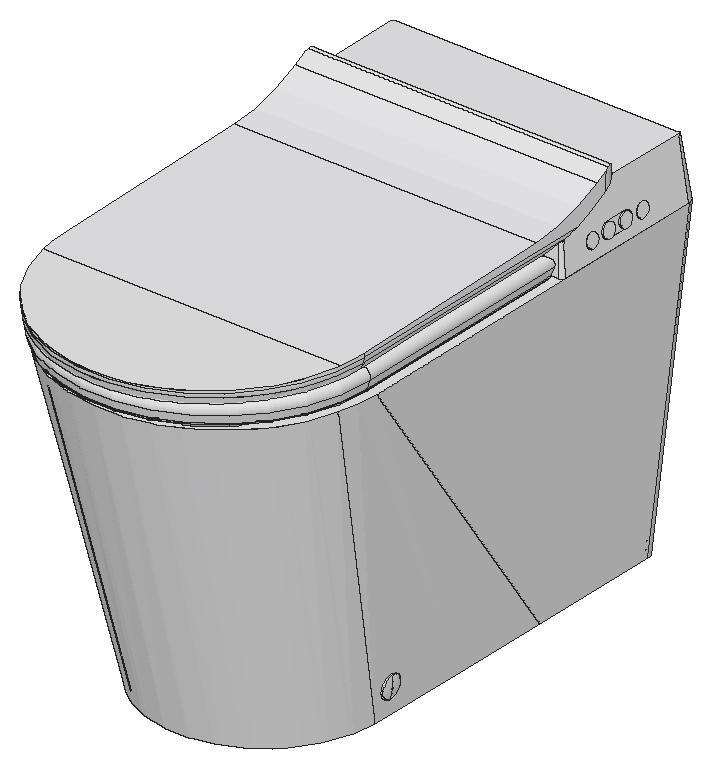
Revit family "Toilet-Floor_Mount_Intelligent-KOHLER-Leap-K-28529K-1", category Plumbing Fixtures, host Face, Revit 2022 (continued)
Definition of nested family "K-28529K"
  Lines and regions (in)
    symbolic lines, detail levels medium+fine
      curve 126: arc (0, -15.60272, 15.90552) -> (0, -15.6445, 15.88637) -> (0, -15.68187, 15.85961) r 0.24012
      curve 127: line (0, -22.73658, 15.8371) -> (0, -23.63343, 15.8371)
      curve 128: arc (0, -23.63343, 15.8371) -> (0, -23.66226, 15.84423) -> (0, -23.68443, 15.86397) r 0.06184
      curve 129: arc (0, -23.68443, 15.86397) -> (0, -23.71337, 15.89169) -> (0, -23.75098, 15.90552) r 0.09804
      curve 130: arc (0, -22.67651, 15.85961) -> (0, -22.7045, 15.84291) -> (0, -22.73658, 15.8371) r 0.09138
      curve 131: arc (0, -22.59736, 15.90552) -> (0, -22.63914, 15.88637) -> (0, -22.67651, 15.85961) r 0.24012
      curve 132: line (0, -25.79608, 15.90552) -> (0, -12.27045, 15.90552)
      curve 133: line (0, -3.74016, 3.77482) -> (0, -3.74017, 4.93847)
      curve 134: spline (0, -3.74017, 4.93847) -> (0, -3.42502, 4.80705) -> (0, -3.15006, 4.6053) -> (0, -2.93085, 4.34464) -> (0, -2.77984, 4.03986) -> (0, -2.70558, 3.70822) -> (0, -2.71227, 3.36853) -> (0, -2.79955, 3.04004) -> (0, -2.96245, 2.74137) -> (0, -3.19175, 2.48945) -> (0, -3.47446, 2.29856) -> (0, -3.79454, 2.17952) -> (0, -4.13385, 2.13907)
      curve 135: spline (0, -4.13386, 3.3834) -> (0, -4.08247, 3.38675) -> (0, -4.03196, 3.39674) -> (0, -3.98319, 3.4132) -> (0, -3.93701, 3.43585) -> (0, -3.89419, 3.46429) -> (0, -3.85547, 3.49805) -> (0, -3.82151, 3.53654) -> (0, -3.7929, 3.57911) -> (0, -3.77013, 3.62503) -> (0, -3.75357, 3.67351) -> (0, -3.74353, 3.72373) -> (0, -3.74016, 3.77482)
      curve 136: line (0, -4.52756, 3.77481) -> (0, -4.52757, 4.93846)
      curve 137: spline (0, -4.52757, 4.93846) -> (0, -4.84271, 4.80704) -> (0, -5.11767, 4.60528) -> (0, -5.33687, 4.34462) -> (0, -5.48788, 4.03984) -> (0, -5.56214, 3.7082) -> (0, -5.55544, 3.36851) -> (0, -5.46817, 3.04003) -> (0, -5.30526, 2.74136) -> (0, -5.07595, 2.48944) -> (0, -4.79324, 2.29855) -> (0, -4.47316, 2.17952) -> (0, -4.13385, 2.13907)
      curve 138: spline (0, -4.13386, 3.3834) -> (0, -4.18525, 3.38675) -> (0, -4.23576, 3.39674) -> (0, -4.28452, 3.4132) -> (0, -4.33071, 3.43584) -> (0, -4.37353, 3.46429) -> (0, -4.41225, 3.49805) -> (0, -4.4462, 3.53654) -> (0, -4.47481, 3.57911) -> (0, -4.49759, 3.62503) -> (0, -4.51415, 3.67351) -> (0, -4.52419, 3.72372) -> (0, -4.52756, 3.77481)
      curve 139: line (0, -12.09412, 15.90552) -> (0, -12.13632, 15.74803)
      curve 140: arc (0, -6.89609, 17.43712) -> (0, -6.92594, 17.4087) -> (0, -6.93734, 17.36909) r 0.07874
      curve 141: arc (0, -5.70983, 18.66204) -> (0, -6.13924, 18.32275) -> (0, -6.60071, 18.02852) r 5.41629
      curve 142: arc (0, -6.49968, 17.83068) -> (0, -6.00044, 18.0443) -> (0, -5.54675, 18.34269) r 3.06412
      curve 143: line (0, -22.63702, 17.1029) -> (0, -23.36557, 17.09447)
      curve 144: line (0, -22.80945, 16.94568) -> (0, -23.21561, 16.94452)
      curve 145: line (0, -9.15329, 16.58724) -> (0, -27.36533, 16.53704)
      curve 146: line (0, -1.67298, 15.74803) -> (0, -1.67298, 0)
      curve 147: line (0, -1.67298, 15.74803) -> (0, -1.89418, 17.00252)
      curve 148: line (0, -1.12897, 18.26487) -> (0, -5.64922, 18.26487)
      curve 149: line (0, -0.7874, 15.51181) -> (0, -27.29705, 15.51181)
      curve 150: line (0, -0.7874, 0.19685) -> (0, -22.62001, 0.19685)
      curve 151: line (-5.44907, 0, 0.17311) -> (5.44907, 0, 0.17311)
      curve 152: circle (0, -16.72958, 1.37402) r 0.54389 normal (1, 0, 0)
      curve 153: line (-5.74031, 0, 3.22984) -> (-7.18376, 0, 14.82022)
      curve 154: spline (5.65525, 0, 2.73947) -> (5.66259, 0, 2.79177) -> (5.67015, 0, 2.84358) -> (5.67786, 0, 2.89441) -> (5.68563, 0, 2.94377) -> (5.69339, 0, 2.9912) -> (5.70108, 0, 3.03625) -> (5.70861, 0, 3.0785) -> (5.71593, 0, 3.11754) -> (5.72295, 0, 3.15301) -> (5.72961, 0, 3.18457) -> (5.73586, 0, 3.21192) -> (5.74162, 0, 3.23481)
      curve 155: spline (5.71495, 0, 2.73947) -> (5.70538, 0, 2.67174) -> (5.69549, 0, 2.60509) -> (5.68544, 0, 2.54057) -> (5.67538, 0, 2.4792) -> (5.66547, 0, 2.42197) -> (5.65588, 0, 2.36978) -> (5.64675, 0, 2.32346) -> (5.63822, 0, 2.28374) -> (5.63045, 0, 2.25125) -> (5.62353, 0, 2.22651) -> (5.6176, 0, 2.20992) -> (5.61274, 0, 2.20173)
      curve 156: line (5.74162, 0, 3.23481) -> (7.16846, 0, 14.6722)
      curve 157: arc (-7.21375, 0, 16.07865) -> (-7.22688, 0, 16.08837) -> (-7.2309, 0, 16.1042) r 0.0243
      curve 158: arc (-6.96946, 0, 17.10758) -> (-6.98056, 0, 17.1084) -> (-6.99166, 0, 17.10922) r 9.4345
      curve 159: arc (-7.06909, 0, 17.05016) -> (-7.02233, 0, 17.08417) -> (-6.96946, 0, 17.10758) r 0.27349
      curve 160: arc (-6.47498, 0, 19.36614) -> (-6.81114, 0, 19.21689) -> (-6.96066, 0, 18.88084) r 0.51231
      curve 161: arc (6.94938, 0, 18.82947) -> (6.80595, 0, 19.1807) -> (6.47498, 0, 19.36614) r 0.57499
      curve 162: arc (7.06278, 0, 17.05569) -> (7.01868, 0, 17.08624) -> (6.96946, 0, 17.10758) r 0.27349
      curve 163: line (5.62312, 0, 17.08346) -> (6.39368, 0, 17.08346)
      curve 164: line (5.08433, 0, 17.08346) -> (5.62312, 0, 17.08346)
      curve 165: line (4.63582, 0, 15.91563) -> (5.52674, 0, 15.91563)
      curve 166: line (5.52674, 0, 15.91563) -> (6.68784, 0, 15.91563)
      curve 167: line (5.91493, 0, 15.8324) -> (5.64562, 0, 15.8324)
      curve 168: line (-5.66841, 0, 17.08346) -> (-6.39368, 0, 17.08346)
      curve 169: line (-5.11455, 0, 17.08346) -> (-5.66841, 0, 17.08346)
      curve 170: line (7.2309, 0, 16.1042) -> (7.15776, 0, 16.8758)
      curve 171: arc (7.21375, 0, 16.07865) -> (7.22688, 0, 16.08837) -> (7.2309, 0, 16.1042) r 0.0243
      curve 179: line (6.10792, 0, 5.03111) -> (5.684, 0, 2.12297)
      curve 180: arc (0, -1.94941, 17.31576) -> (0, -2.05829, 17.13507) -> (0, -1.89418, 17.00252) r 0.16054
      curve 181: line (0, -5.13376, 15.76598) -> (0, -5.13376, 17.79247)
      curve 182: arc (0, -5.13376, 17.79247) -> (0, -5.1491, 17.82951) -> (0, -5.18613, 17.84485) r 0.05238
      curve 183: line (0, -5.18613, 17.84485) -> (0, -6.09611, 17.84485)
      curve 184: line (0, -6.09611, 17.84485) -> (0, -6.83893, 17.43309)
      curve 185: arc (0, -6.83893, 17.43309) -> (0, -6.87382, 17.39938) -> (0, -6.88715, 17.35272) r 0.09361
      curve 186: line (0, -6.88715, 17.35272) -> (0, -6.91267, 15.76598)
      curve 187: circle (0, -5.22136, 15.83788) r 0.04264 normal (1, 0, 0)
      curve 188: circle (0, -5.37937, 15.83788) r 0.04264 normal (1, 0, 0)
      curve 189: circle (0, -5.49778, 15.83788) r 0.04264 normal (1, 0, 0)
      curve 190: circle (0, -5.62538, 15.83788) r 0.04264 normal (1, 0, 0)
      curve 191: circle (0, -5.75153, 15.83788) r 0.04264 normal (1, 0, 0)
      curve 192: circle (0, -5.8877, 15.83788) r 0.04264 normal (1, 0, 0)
      curve 193: circle (0, -6.02056, 15.83788) r 0.04264 normal (1, 0, 0)
      curve 194: circle (0, -6.14593, 15.83788) r 0.04264 normal (1, 0, 0)
      curve 195: circle (0, -6.27304, 15.83788) r 0.04264 normal (1, 0, 0)
      curve 196: circle (0, -6.39782, 15.83788) r 0.04264 normal (1, 0, 0)
      curve 197: circle (0, -6.51796, 15.83788) r 0.04264 normal (1, 0, 0)
      curve 198: circle (0, -6.64159, 15.83788) r 0.04264 normal (1, 0, 0)
      curve 199: circle (0, -6.77044, 15.83788) r 0.04264 normal (1, 0, 0)
      curve 200: circle (0, -5.22136, 16.03473) r 0.04264 normal (1, 0, 0)
      curve 201: circle (0, -5.37937, 16.03473) r 0.04264 normal (1, 0, 0)
      curve 202: circle (0, -5.49778, 16.03473) r 0.04264 normal (1, 0, 0)
      curve 203: circle (0, -5.62538, 16.03473) r 0.04264 normal (1, 0, 0)
      curve 204: circle (0, -5.75153, 16.03473) r 0.04264 normal (1, 0, 0)
      curve 205: circle (0, -5.8877, 16.03473) r 0.04264 normal (1, 0, 0)
      curve 206: circle (0, -6.02056, 16.03473) r 0.04264 normal (1, 0, 0)
      curve 207: circle (0, -6.14593, 16.03473) r 0.04264 normal (1, 0, 0)
      curve 208: circle (0, -6.27304, 16.03473) r 0.04264 normal (1, 0, 0)
      curve 209: circle (0, -6.39782, 16.03473) r 0.04264 normal (1, 0, 0)
      curve 210: circle (0, -6.51796, 16.03473) r 0.04264 normal (1, 0, 0)
      curve 211: circle (0, -6.64159, 16.03473) r 0.04264 normal (1, 0, 0)
      curve 212: circle (0, -6.77044, 16.03473) r 0.04264 normal (1, 0, 0)
      curve 213: circle (0, -5.22136, 16.23158) r 0.04264 normal (1, 0, 0)
      curve 214: circle (0, -5.37937, 16.23158) r 0.04264 normal (1, 0, 0)
      curve 215: circle (0, -5.49778, 16.23158) r 0.04264 normal (1, 0, 0)
      curve 216: circle (0, -5.62538, 16.23158) r 0.04264 normal (1, 0, 0)
      curve 217: circle (0, -5.75153, 16.23158) r 0.04264 normal (1, 0, 0)
      curve 218: circle (0, -5.8877, 16.23158) r 0.04264 normal (1, 0, 0)
      curve 219: circle (0, -6.02056, 16.23158) r 0.04264 normal (1, 0, 0)
      curve 220: circle (0, -6.14593, 16.23158) r 0.04264 normal (1, 0, 0)
      curve 221: circle (0, -6.27304, 16.23158) r 0.04264 normal (1, 0, 0)
      curve 222: circle (0, -6.39782, 16.23158) r 0.04264 normal (1, 0, 0)
      curve 223: circle (0, -6.51796, 16.23158) r 0.04264 normal (1, 0, 0)
      curve 224: circle (0, -6.64159, 16.23158) r 0.04264 normal (1, 0, 0)
      curve 225: circle (0, -6.77044, 16.23158) r 0.04264 normal (1, 0, 0)
      curve 226: circle (0, -5.22136, 16.42843) r 0.04264 normal (1, 0, 0)
      curve 227: circle (0, -5.37937, 16.42843) r 0.04264 normal (1, 0, 0)
      curve 228: circle (0, -5.49778, 16.42843) r 0.04264 normal (1, 0, 0)
      curve 229: circle (0, -5.62538, 16.42843) r 0.04264 normal (1, 0, 0)
      curve 230: circle (0, -5.75153, 16.42843) r 0.04264 normal (1, 0, 0)
      curve 231: circle (0, -5.8877, 16.42843) r 0.04264 normal (1, 0, 0)
      curve 232: circle (0, -6.02056, 16.42843) r 0.04264 normal (1, 0, 0)
      curve 233: circle (0, -6.14593, 16.42843) r 0.04264 normal (1, 0, 0)
      curve 234: circle (0, -6.27304, 16.42843) r 0.04264 normal (1, 0, 0)
      curve 235: circle (0, -6.39782, 16.42843) r 0.04264 normal (1, 0, 0)
      curve 236: circle (0, -6.51796, 16.42843) r 0.04264 normal (1, 0, 0)
      curve 237: circle (0, -6.64159, 16.42843) r 0.04264 normal (1, 0, 0)
      curve 238: circle (0, -6.77044, 16.42843) r 0.04264 normal (1, 0, 0)
      curve 239: circle (0, -5.22136, 16.62528) r 0.04264 normal (1, 0, 0)
      curve 240: circle (0, -5.37937, 16.62528) r 0.04264 normal (1, 0, 0)
      curve 241: circle (0, -5.49778, 16.62528) r 0.04264 normal (1, 0, 0)
      curve 242: circle (0, -5.62538, 16.62528) r 0.04264 normal (1, 0, 0)
      curve 243: circle (0, -5.75153, 16.62528) r 0.04264 normal (1, 0, 0)
      curve 244: circle (0, -5.8877, 16.62528) r 0.04264 normal (1, 0, 0)
      curve 245: circle (0, -6.02056, 16.62528) r 0.04264 normal (1, 0, 0)
      curve 246: circle (0, -6.14593, 16.62528) r 0.04264 normal (1, 0, 0)
      curve 247: circle (0, -6.27304, 16.62528) r 0.04264 normal (1, 0, 0)
      curve 248: circle (0, -6.39782, 16.62528) r 0.04264 normal (1, 0, 0)
      curve 249: circle (0, -6.51796, 16.62528) r 0.04264 normal (1, 0, 0)
      curve 250: circle (0, -6.64159, 16.62528) r 0.04264 normal (1, 0, 0)
      curve 251: circle (0, -6.77044, 16.62528) r 0.04264 normal (1, 0, 0)
      curve 252: circle (0, -5.22136, 16.82213) r 0.04264 normal (1, 0, 0)
      curve 253: circle (0, -5.37937, 16.82213) r 0.04264 normal (1, 0, 0)
      curve 254: circle (0, -5.49778, 16.82213) r 0.04264 normal (1, 0, 0)
      curve 255: circle (0, -5.62538, 16.82213) r 0.04264 normal (1, 0, 0)
      curve 256: circle (0, -5.75153, 16.82213) r 0.04264 normal (1, 0, 0)
      curve 257: circle (0, -5.8877, 16.82213) r 0.04264 normal (1, 0, 0)
      curve 258: circle (0, -6.02056, 16.82213) r 0.04264 normal (1, 0, 0)
      curve 259: circle (0, -6.14593, 16.82213) r 0.04264 normal (1, 0, 0)
      curve 260: circle (0, -6.27304, 16.82213) r 0.04264 normal (1, 0, 0)
      curve 261: circle (0, -6.39782, 16.82213) r 0.04264 normal (1, 0, 0)
      curve 262: circle (0, -6.51796, 16.82213) r 0.04264 normal (1, 0, 0)
      curve 263: circle (0, -6.64159, 16.82213) r 0.04264 normal (1, 0, 0)
      curve 264: circle (0, -6.77044, 16.82213) r 0.04264 normal (1, 0, 0)
      curve 265: circle (0, -5.22136, 17.01898) r 0.04264 normal (1, 0, 0)
      curve 266: circle (0, -5.37937, 17.01898) r 0.04264 normal (1, 0, 0)
      curve 267: circle (0, -5.49778, 17.01898) r 0.04264 normal (1, 0, 0)
      curve 268: circle (0, -5.62538, 17.01898) r 0.04264 normal (1, 0, 0)
      curve 269: circle (0, -5.75153, 17.01898) r 0.04264 normal (1, 0, 0)
      curve 270: circle (0, -5.8877, 17.01898) r 0.04264 normal (1, 0, 0)
      curve 271: circle (0, -6.02056, 17.01898) r 0.04264 normal (1, 0, 0)
      curve 272: circle (0, -6.14593, 17.01898) r 0.04264 normal (1, 0, 0)
      curve 273: circle (0, -6.27304, 17.01898) r 0.04264 normal (1, 0, 0)
      curve 274: circle (0, -6.39782, 17.01898) r 0.04264 normal (1, 0, 0)
      curve 275: circle (0, -6.51796, 17.01898) r 0.04264 normal (1, 0, 0)
      curve 276: circle (0, -6.64159, 17.01898) r 0.04264 normal (1, 0, 0)
      curve 277: circle (0, -6.77044, 17.01898) r 0.04264 normal (1, 0, 0)
      curve 278: circle (0, -5.22136, 17.21583) r 0.04264 normal (1, 0, 0)
      curve 279: circle (0, -5.37937, 17.21583) r 0.04264 normal (1, 0, 0)
      curve 280: circle (0, -5.49778, 17.21583) r 0.04264 normal (1, 0, 0)
      curve 281: circle (0, -5.62538, 17.21583) r 0.04264 normal (1, 0, 0)
      curve 282: circle (0, -5.75153, 17.21583) r 0.04264 normal (1, 0, 0)
      curve 283: circle (0, -5.8877, 17.21583) r 0.04264 normal (1, 0, 0)
      curve 284: circle (0, -6.02056, 17.21583) r 0.04264 normal (1, 0, 0)
      curve 285: circle (0, -6.14593, 17.21583) r 0.04264 normal (1, 0, 0)
      curve 286: circle (0, -6.27304, 17.21583) r 0.04264 normal (1, 0, 0)
      curve 287: circle (0, -6.39782, 17.21583) r 0.04264 normal (1, 0, 0)
      curve 288: circle (0, -6.51796, 17.21583) r 0.04264 normal (1, 0, 0)
      curve 289: circle (0, -6.64159, 17.21583) r 0.04264 normal (1, 0, 0)
      curve 290: circle (0, -6.77044, 17.21583) r 0.04264 normal (1, 0, 0)
      curve 291: circle (0, -5.22136, 17.41268) r 0.04264 normal (1, 0, 0)
      curve 292: circle (0, -5.37937, 17.41268) r 0.04264 normal (1, 0, 0)
      curve 293: circle (0, -5.49778, 17.41268) r 0.04264 normal (1, 0, 0)
      curve 294: circle (0, -5.62538, 17.41268) r 0.04264 normal (1, 0, 0)
      curve 295: circle (0, -5.75153, 17.41268) r 0.04264 normal (1, 0, 0)
      curve 296: circle (0, -5.8877, 17.41268) r 0.04264 normal (1, 0, 0)
      curve 297: circle (0, -6.02056, 17.41268) r 0.04264 normal (1, 0, 0)
      curve 298: circle (0, -6.14593, 17.41268) r 0.04264 normal (1, 0, 0)
      curve 299: circle (0, -6.27304, 17.41268) r 0.04264 normal (1, 0, 0)
      curve 300: circle (0, -6.39782, 17.41268) r 0.04264 normal (1, 0, 0)
      curve 301: circle (0, -6.51796, 17.41268) r 0.04264 normal (1, 0, 0)
      curve 302: circle (0, -6.64159, 17.41268) r 0.04264 normal (1, 0, 0)
      curve 303: circle (0, -6.77044, 17.41268) r 0.04264 normal (1, 0, 0)
      curve 304: circle (0, -5.22136, 17.60953) r 0.04264 normal (1, 0, 0)
      curve 305: circle (0, -5.37937, 17.60953) r 0.04264 normal (1, 0, 0)
      curve 306: circle (0, -5.49778, 17.60953) r 0.04264 normal (1, 0, 0)
      curve 307: circle (0, -5.62538, 17.60953) r 0.04264 normal (1, 0, 0)
      curve 308: circle (0, -5.75153, 17.60953) r 0.04264 normal (1, 0, 0)
      curve 309: circle (0, -5.8877, 17.60953) r 0.04264 normal (1, 0, 0)
      curve 310: circle (0, -6.02056, 17.60953) r 0.04264 normal (1, 0, 0)
      curve 311: circle (0, -6.14593, 17.60953) r 0.04264 normal (1, 0, 0)
      curve 312: circle (0, -6.27304, 17.60953) r 0.04264 normal (1, 0, 0)
      curve 313: circle (0, -6.39782, 17.60953) r 0.04264 normal (1, 0, 0)
      curve 314: circle (0, -5.22136, 17.7776) r 0.04264 normal (1, 0, 0)
      curve 315: circle (0, -5.37937, 17.7776) r 0.04264 normal (1, 0, 0)
      curve 316: circle (0, -5.49778, 17.7776) r 0.04264 normal (1, 0, 0)
      curve 317: circle (0, -5.62538, 17.7776) r 0.04264 normal (1, 0, 0)
      curve 318: circle (0, -5.75153, 17.7776) r 0.04264 normal (1, 0, 0)
      curve 319: circle (0, -5.8877, 17.7776) r 0.04264 normal (1, 0, 0)
      curve 320: circle (0, -6.02056, 17.7776) r 0.04264 normal (1, 0, 0)
      curve 321: spline (-5.61222, 0, 2.20131) -> (-5.60846, 0, 2.20311) -> (-5.60608, 0, 2.21459) -> (-5.60513, 0, 2.23554) -> (-5.60562, 0, 2.26558) -> (-5.60754, 0, 2.30417) -> (-5.61087, 0, 2.35062) -> (-5.61553, 0, 2.40408) -> (-5.62145, 0, 2.46359) -> (-5.62852, 0, 2.52809) -> (-5.63661, 0, 2.59639) -> (-5.64557, 0, 2.66728) -> (-5.65525, 0, 2.73947)
      curve 322: spline (-5.74031, 0, 3.22984) -> (-5.74914, 0, 3.25998) -> (-5.75619, 0, 3.27574) -> (-5.76128, 0, 3.27668) -> (-5.76427, 0, 3.26277) -> (-5.76507, 0, 3.23439) -> (-5.76366, 0, 3.19233) -> (-5.76007, 0, 3.13776) -> (-5.75441, 0, 3.07218) -> (-5.74684, 0, 2.9974) -> (-5.73756, 0, 2.91549) -> (-5.72683, 0, 2.82871) -> (-5.71495, 0, 2.73947)
      curve 323: spline (5.61274, 0, 2.20173) -> (5.60879, 0, 2.20246) -> (5.60625, 0, 2.21306) -> (5.60515, 0, 2.23335) -> (5.60553, 0, 2.26294) -> (5.60737, 0, 2.30131) -> (5.61064, 0, 2.34772) -> (5.61528, 0, 2.40135) -> (5.6212, 0, 2.46119) -> (5.6283, 0, 2.52616) -> (5.63644, 0, 2.59504) -> (5.64548, 0, 2.66658) -> (5.65525, 0, 2.73947)
      curve 324: spline (5.74162, 0, 3.23481) -> (5.75013, 0, 3.26278) -> (5.75688, 0, 3.27661) -> (5.76169, 0, 3.27593) -> (5.76444, 0, 3.26076) -> (5.76504, 0, 3.23151) -> (5.76348, 0, 3.18897) -> (5.7598, 0, 3.13428) -> (5.75411, 0, 3.06893) -> (5.74655, 0, 2.99468) -> (5.73733, 0, 2.91354) -> (5.7267, 0, 2.8277) -> (5.71495, 0, 2.73947)
      curve 325: arc (0, -1.89418, 17.00252) -> (0, -1.74208, 17.19083) -> (0, -1.94941, 17.31576) r 0.16054
      curve 326: line (0, -1.94941, 17.31576) -> (0, -2.17666, 18.60459)
    symbolic lines
      curve 6: line (-6.34468, -5.38042, 0) -> (6.24272, -5.38042, 0)
      curve 7: arc (-7.12809, -6.00511, 0) -> (-7.12029, -11.74711, 0) -> (-7.1251, -17.48912, 0) r 2611.16093
      curve 8: arc (6.24272, -5.38042, 0) -> (6.55909, -5.43527, 0) -> (6.83853, -5.59343, 0) r 0.93977
      curve 9: arc (-7.12809, -6.00511, 0) -> (-7.02263, -5.75258, 0) -> (-6.83853, -5.55008, 0) r 0.80358
      curve 36: line (-6.83853, -5.55008, 0) -> (-6.83853, -1.92178, 0)
      curve 37: line (6.83853, -5.59343, 0) -> (6.83853, -1.92178, 0)
      curve 38: line (6.36609, -1.44934, 0) -> (-6.36609, -1.44934, 0)
      curve 39: arc (-6.36609, -1.44934, 0) -> (-6.70016, -1.58772, 0) -> (-6.83853, -1.92178, 0) r 0.47244
      curve 40: arc (6.36609, -1.44934, 0) -> (6.70016, -1.58772, 0) -> (6.83853, -1.92178, 0) r 0.47244
      curve 172: arc (-7.1251, -17.48912, 0) -> (-7.12679, -19.08118, 0) -> (-7.1257, -20.67323, 0) r 908.59878
      curve 173: arc (7.12809, -6.00511, 0) -> (7.12512, -7.35914, 0) -> (7.12284, -8.71318, 0) r 2611.16093
      curve 174: arc (7.1251, -17.48912, 0) -> (7.12679, -19.08118, 0) -> (7.1257, -20.67323, 0) r 908.59878
      curve 175: arc (7.12284, -8.71318, 0) -> (7.12263, -8.86618, 0) -> (7.12242, -9.01919, 0) r 2611.16093
      curve 176: arc (7.12242, -9.01919, 0) -> (7.12033, -13.25416, 0) -> (7.1251, -17.48912, 0) r 2611.16093
      curve 177: arc (-6.83853, -5.55008, 0) -> (-6.60577, -5.42402, 0) -> (-6.34468, -5.38042, 0) r 0.80358
      curve 178: arc (6.83853, -5.59343, 0) -> (7.01139, -5.77953, 0) -> (7.12809, -6.00511, 0) r 0.93977
  Dimensions and locks (in)
    plane 8 to level = 19.36614"
    plane 7 to level = 15.74803"
    plane 1 "Center (Front/Back)" to plane 5 = 12.00787"
    plane 5 to plane 9 = 9.64567"
    plane 5 to plane 1 "Center (Front/Back)" = 12.00787"
    plane 4 to plane 6 = 26.79921"
    plane 1 "Center (Front/Back)" to plane 4 = 0.7874"
    plane 4 to plane 5 = 11.22047"
    plane 5 to plane 19 = 10.33858"
    plane 18 to plane 17 = 14.49606"
    aligned and locked: plane 2 to level
